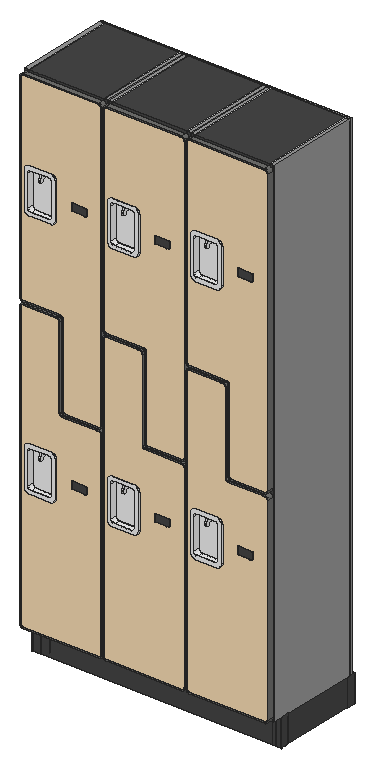
Revit family "Wood_Lockers-Salsbury_Industries-37000_Series-3_Wide_Units", category Specialty Equipment, Revit 2026 (continued)
Definition of nested family "Wood Locker Sloping Hoods"
  Dimensions and locks (in)
    aligned and locked: Extrusion 2 to plane 6 "Right Side of Hood"
    aligned and locked: plane 7 "Left Side of Hood" to Extrusion 2
    aligned and locked: plane 7 "Left Side of Hood" to Extrusion 4
    aligned and locked: Extrusion 4 to plane 6 "Right Side of Hood"
    aligned and locked: Extrusion 3 to plane 6 "Right Side of Hood"
    aligned and locked: plane 7 "Left Side of Hood" to Extrusion 3
    aligned and locked: Extrusion 2 to Extrusion 1 sketch curve
    aligned and locked: plane 7 "Left Side of Hood" to Extrusion 1
    aligned and locked: Extrusion 1 to plane 6 "Right Side of Hood"
  Automatic sketch dimensions
    Extrusion 3 sketch curve to level = 0.000"
    Extrusion 3 sketch curve to plane 4 "Front of Hood" = 0.000"
    Extrusion 3 sketch curve to plane 12 = 0.000"
    plane 16 to Extrusion 3 sketch curve = 0.000"
    Extrusion 4 sketch curve to plane 4 "Front of Hood" = 0.000"
    plane 16 to Extrusion 4 sketch curve = 0.000"
    Extrusion 4 sketch curve to plane 5 "Back of Hood" = 0.000"
    plane 14 to Extrusion 4 sketch curve = 0.000"
    plane 9 "Top of Hood" to Extrusion 4 sketch curve = 0.000"
    Extrusion 4 sketch curve to plane 12 = 0.04881"
    Extrusion 2 sketch curve to level = 0.000"
    Extrusion 2 sketch curve to plane 12 = 0.000"
    plane 16 to Extrusion 2 sketch curve = 0.000"
    Extrusion 2 sketch curve to plane 5 "Back of Hood" = 0.000"
    plane 15 to Extrusion 2 sketch curve = 0.000"
    plane 14 to Extrusion 2 sketch curve = 0.000"
    Extrusion 2 sketch curve to plane 13 = 1.08977"
    Extrusion 2 sketch curve to plane 12 = 0.04881"
    Extrusion 1 sketch curve to level = 0.000"
    Extrusion 1 sketch curve to plane 1 "Center (Front/Back)" = 0.000"
    Extrusion 1 sketch curve to Extrusion 1 sketch curve = 0.24302"
Types (12): name | Unit Height including Sloping Hood Only | Unit Height including Base Only | Total Doors Height | Sloping In-Line Filler - Left Side | Sloping Hood Height | Overall Unit Height including Base and Sloping Hood | Model | Unit Height | Individual Door Height | Flat Top In-Line Filler - Right Side | Door Location D2 | Door Location D1 | Description | Depth | Compartment Height | Compartment Depth | Base Height | Base Depth | Base
  37365 | 77.743" | 76.000" | 71.750" | Wood Locker Sloping In-Line Fillers : None | 5.743" | 81.743" | "37365" | 72.000" | 42.062" | Wood Locker Flat In-Line Fillers : None | Wood Locker S-Style Bottom Doors : Double Tier Bottom S-Door for Six Foot High Locker | Wood Locker S-Style Top Doors : Double Tier Top S-Door for Six Foot High Locker | "3 Wide - 6 Feet High - 15 inches Deep - with Base" | 15.000" | 41.153" | 13.750" | 4.000" | 13.250" | Wood Locker Bases : Base - 36" W x 15" D Lockers
  37365 - without Base | 77.743" | 72.000" | 71.750" | Wood Locker Sloping In-Line Fillers : None | 5.743" | 77.743" | "37365 without Base" | 72.000" | 42.062" | Wood Locker Sloping In-Line Fillers : None | Wood Locker S-Style Bottom Doors : Double Tier Bottom S-Door for Six Foot High Locker | Wood Locker S-Style Top Doors : Double Tier Top S-Door for Six Foot High Locker | "3 Wide - 6 Feet High - 15 inches Deep - without Base" | 15.000" | 41.153" | 13.750" | 0.000" | 13.250" | Wood Locker Bases : None
  37368 | 78.868" | 76.000" | 71.750" | Wood Locker Sloping In-Line Fillers : None | 6.868" | 82.868" | "37368" | 72.000" | 42.062" | Wood Locker Sloping In-Line Fillers : None | Wood Locker S-Style Bottom Doors : Double Tier Bottom S-Door for Six Foot High Locker | Wood Locker S-Style Top Doors : Double Tier Top S-Door for Six Foot High Locker | "3 Wide - 6 Feet High - 18 inches Deep - with Base" | 18.000" | 41.153" | 16.750" | 4.000" | 16.250" | Wood Locker Bases : Base - 36" W x 18" D Lockers
  37368 - without Base | 78.868" | 72.000" | 71.750" | Wood Locker Sloping In-Line Fillers : None | 6.868" | 78.868" | "37368 without Base" | 72.000" | 42.062" | Wood Locker Sloping In-Line Fillers : None | Wood Locker S-Style Bottom Doors : Double Tier Bottom S-Door for Six Foot High Locker | Wood Locker S-Style Top Doors : Double Tier Top S-Door for Six Foot High Locker | "3 Wide - 6 Feet High - 18 inches Deep - without Base" | 18.000" | 41.153" | 16.750" | 0.000" | 16.250" | Wood Locker Bases : None
  37361 | 79.993" | 76.000" | 71.750" | Wood Locker Sloping In-Line Fillers : None | 7.993" | 83.993" | "37361" | 72.000" | 42.062" | Wood Locker Sloping In-Line Fillers : None | Wood Locker S-Style Bottom Doors : Double Tier Bottom S-Door for Six Foot High Locker | Wood Locker S-Style Top Doors : Double Tier Top S-Door for Six Foot High Locker | "3 Wide - 6 Feet High - 21 inches Deep - with Base" | 21.000" | 41.153" | 19.750" | 4.000" | 19.250" | Wood Locker Bases : Base - 36" W x 21" D Lockers
  37361 - without Base | 79.993" | 72.000" | 71.750" | Wood Locker Sloping In-Line Fillers : None | 7.993" | 79.993" | "37361 without Base" | 72.000" | 42.062" | Wood Locker Sloping In-Line Fillers : None | Wood Locker S-Style Bottom Doors : Double Tier Bottom S-Door for Six Foot High Locker | Wood Locker S-Style Top Doors : Double Tier Top S-Door for Six Foot High Locker | "3 Wide - 6 Feet High - 21 inches Deep - without Base" | 21.000" | 41.153" | 19.750" | 0.000" | 19.250" | Wood Locker Bases : None
  37355 | 65.743" | 64.000" | 59.750" | Wood Locker Sloping In-Line Fillers : None | 5.743" | 69.743" | "37355" | 60.000" | 36.062" | Wood Locker Sloping In-Line Fillers : None | Wood Locker S-Style Bottom Doors : Double Tier Bottom S-Door for Five Foot High Locker | Wood Locker S-Style Top Doors : Double Tier Top S-Door for Five Foot High Locker | "3 Wide - 5 Feet High - 15 inches Deep - with Base" | 15.000" | 35.153" | 13.750" | 4.000" | 13.250" | Wood Locker Bases : Base - 36" W x 15" D Lockers
  37355 - without Base | 65.743" | 60.000" | 59.750" | Wood Locker Sloping In-Line Fillers : None | 5.743" | 65.743" | "37355 without Base" | 60.000" | 36.062" | Wood Locker Sloping In-Line Fillers : None | Wood Locker S-Style Bottom Doors : Double Tier Bottom S-Door for Five Foot High Locker | Wood Locker S-Style Top Doors : Double Tier Top S-Door for Five Foot High Locker | "3 Wide - 5 Feet High - 15 inches Deep - without Base" | 15.000" | 35.153" | 13.750" | 0.000" | 13.250" | Wood Locker Bases : None
  37358 | 66.868" | 64.000" | 59.750" | Wood Locker Sloping In-Line Fillers : None | 6.868" | 70.868" | "37358" | 60.000" | 36.062" | Wood Locker Sloping In-Line Fillers : None | Wood Locker S-Style Bottom Doors : Double Tier Bottom S-Door for Five Foot High Locker | Wood Locker S-Style Top Doors : Double Tier Top S-Door for Five Foot High Locker | "3 Wide - 5 Feet High - 18 inches Deep - with Base" | 18.000" | 35.153" | 16.750" | 4.000" | 16.250" | Wood Locker Bases : Base - 36" W x 18" D Lockers
  37358 - without Base | 66.868" | 60.000" | 59.750" | Wood Locker Sloping In-Line Fillers : None | 6.868" | 66.868" | "37358 without Base" | 60.000" | 36.062" | Wood Locker Sloping In-Line Fillers : None | Wood Locker S-Style Bottom Doors : Double Tier Bottom S-Door for Five Foot High Locker | Wood Locker S-Style Top Doors : Double Tier Top S-Door for Five Foot High Locker | "3 Wide - 5 Feet High - 18 inches Deep - without Base" | 18.000" | 35.153" | 16.750" | 0.000" | 16.250" | Wood Locker Bases : None
  37351 | 67.993" | 64.000" | 59.750" | Wood Locker Flat In-Line Fillers : None | 7.993" | 71.993" | "37351" | 60.000" | 36.062" | Wood Locker Sloping In-Line Fillers : None | Wood Locker S-Style Bottom Doors : Double Tier Bottom S-Door for Five Foot High Locker | Wood Locker S-Style Top Doors : Double Tier Top S-Door for Five Foot High Locker | "3 Wide - 5 Feet High - 21 inches Deep - with Base" | 21.000" | 35.153" | 19.750" | 4.000" | 19.250" | Wood Locker Bases : Base - 36" W x 21" D Lockers
  37351 - without Base | 67.993" | 60.000" | 59.750" | Wood Locker Sloping In-Line Fillers : None | 7.993" | 67.993" | "37351 without Base" | 60.000" | 36.062" | Wood Locker Sloping In-Line Fillers : None | Wood Locker S-Style Bottom Doors : Double Tier Bottom S-Door for Five Foot High Locker | Wood Locker S-Style Top Doors : Double Tier Top S-Door for Five Foot High Locker | "3 Wide - 5 Feet High - 21 inches Deep - without Base" | 21.000" | 35.153" | 19.750" | 0.000" | 19.250" | Wood Locker Bases : None
